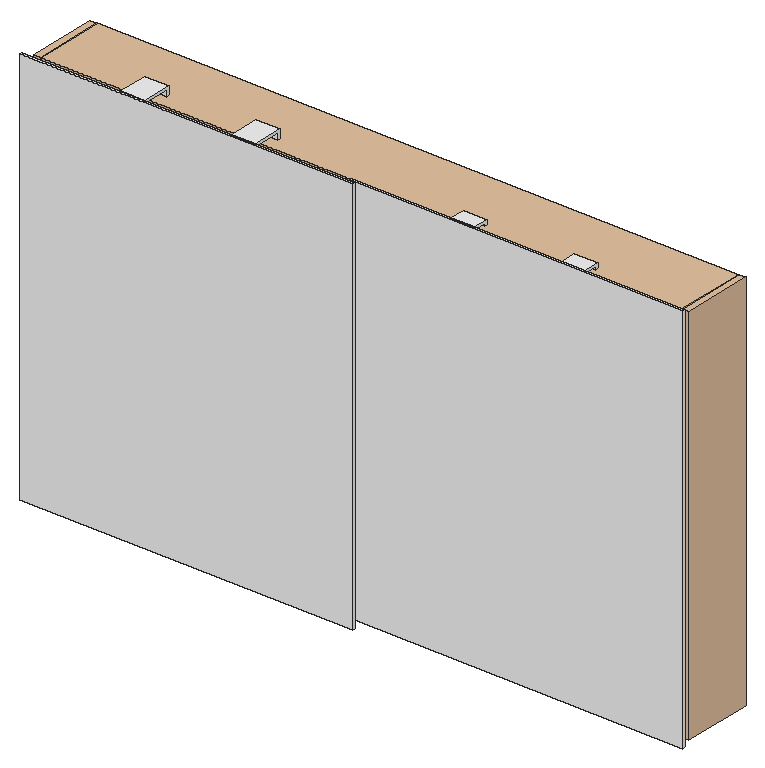
Revit family
Parameters (values of type "1400x150x820-체리")
  폭 = 1400 mm
  높이 = 820 mm
  깊이 = 150 mm
  가구마감 = 체리
  Assembly Code = ""
Reference planes
  plane 1 "중심(앞/뒤)": y = 0
  plane 2: z = 0
  plane 3 "중심(왼쪽/오른쪽)": x = 0
  plane 4 "뒷판": y = 150
  plane 5: x = -1400
  plane 6: z = 820
  plane 7 "상판 하단": z = 805
  plane 8: x = -700
  plane 9: x = -710
  plane 10: x = -690
  plane 11: z = 830
  plane 12: z = 838
  plane 13: z = -7.5
  plane 14: z = -15
  plane 15: y = -13
  plane 16: y = -18
  plane 17: y = -31
  plane 18: y = -36
  plane 19: x = -473.333
  plane 20: x = -236.667
  plane 21: x = -1163.333
  plane 22: x = -926.667
  plane 23 "레일1": x = -211.667
  plane 24 "레일2": x = -448.333
  plane 25 "레일3": x = -901.667
  plane 26 "레일4": x = -1138.333
Forms (mm)
  Extrusion 1, solid, material "체리" <- "가구마감"
    sketch origin (0, 0, 0) x (1, 0, 0) y (0, 1, 0)
      loop
        line (-1400, 150) -> (-1400, 0) -> (-1385, 0) -> (-1385, 150) -> (-1400, 150)
      loop
        line (-15, 150) -> (-15, 0) -> (0, 0) -> (0, 150) -> (-15, 150)
    from 0 to 820
  Extrusion 2, solid, material "체리" <- "가구마감"
    sketch origin (0, 0, 0) x (1, 0, 0) y (0, 1, 0)
      loop
        line (-1385, 150) -> (-1385, 0) -> (-15, 0) -> (-15, 150) -> (-1385, 150)
    from 0 to 15
  Extrusion 3, solid, material "체리" <- "가구마감"
    sketch origin (0, 0, 805) x (-1, 0, 0) y (0, -1, 0)
      loop
        line (1385, -150) -> (1385, 0) -> (15, 0) -> (15, -150) -> (1385, -150)
    from 0 to 15
  Extrusion 4, solid, material "체리" <- "가구마감"
    sketch origin (0, 150, 0) x (-1, 0, 0) y (0, 0, 1)
      loop
        line (1385, 805) -> (15, 805) -> (15, 15) -> (1385, 15) -> (1385, 805)
    from 0 to -15
  Extrusion 5, solid, material "거울"
    sketch origin (0, 0, 805) x (-1, 0, 0) y (0, -1, 0)
      loop
        line (1400, 31) -> (1400, 36) -> (690, 36) -> (690, 31) -> (1400, 31)
    from -820 to 33
  Extrusion 6, solid, material "거울"
    sketch origin (0, 0, 0) x (1, 0, 0) y (0, 1, 0)
      loop
        line (0, -13) -> (-710, -13) -> (-710, -18) -> (0, -18) -> (0, -13)
    from -7.5 to 830
  Extrusion 7, solid, material "스테인레스"
    sketch origin (-211.667, 0, 0) x (0, 1, 0) y (0, 0, 1)
      loop
        line (14.917, 820) -> (19.917, 820) -> (19.917, 830) -> (-13, 830) -> (-13, 805) -> (-8, 805) -> (-8, 825) -> (14.917, 825) -> (14.917, 820)
    from 0 to -50
  Extrusion 8, solid, material "스테인레스"
    sketch origin (-448.333, 0, 0) x (0, 1, 0) y (0, 0, 1)
      loop
        line (-13, 805) -> (-8, 805) -> (-8, 825) -> (14.917, 825) -> (14.917, 820) -> (19.917, 820) -> (19.917, 830) -> (-13, 830) -> (-13, 805)
    from 0 to -50
  Extrusion 9, solid, material "스테인레스"
    sketch origin (-901.667, 0, 0) x (0, 1, 0) y (0, 0, 1)
      loop
        line (-26, 805) -> (-26, 833) -> (27.917, 833) -> (27.917, 820) -> (32.917, 820) -> (32.917, 838) -> (-31, 838) -> (-31, 805) -> (-26, 805)
    from 0 to -50
  Extrusion 10, solid, material "스테인레스"
    sketch origin (-1138.333, 0, 0) x (0, 1, 0) y (0, 0, 1)
      loop
        line (-31, 805) -> (-26, 805) -> (-26, 833) -> (27.917, 833) -> (27.917, 820) -> (32.917, 820) -> (32.917, 838) -> (-31, 838) -> (-31, 805)
    from 0 to -50
Dimensions and locks
  "깊이": plane 1 "중심(앞/뒤)" to plane 4 "뒷판"
  "폭": plane 5 to plane 3 "중심(왼쪽/오른쪽)"
  "높이": plane 6 to level
  locked: plane 5 to Extrusion 1 sketch curve at 15
  locked: Extrusion 1 sketch curve to Extrusion 1 sketch curve at 15
  locked: plane 6 to plane 7 "상판 하단" at 15
  equal spacing: plane 5, plane 8, plane 3 "중심(왼쪽/오른쪽)"
  locked: plane 9 to plane 8 at 10
  locked: plane 8 to plane 10 at 10
  locked: level to plane 13 at 7.5
  locked: plane 13 to plane 14 at 7.5
  locked: plane 11 to plane 6 at 10
  locked: plane 12 to plane 11 at 8
  locked: plane 15 to plane 1 "중심(앞/뒤)" at 13
  locked: plane 15 to plane 16 at 5
  locked: plane 16 to plane 17 at 13
  locked: plane 17 to plane 18 at 5
  equal spacing: plane 5, plane 21, plane 22, plane 10
  equal spacing: plane 9, plane 19, plane 20, plane 3 "중심(왼쪽/오른쪽)"
  locked: plane 20 to plane 23 "레일1" at 25
  locked: plane 19 to plane 24 "레일2" at 25
  locked: plane 22 to plane 25 "레일3" at 25
  locked: plane 21 to plane 26 "레일4" at 25
  aligned and locked: Extrusion 1 sketch curve to plane 4 "뒷판"  (x2)
  aligned and locked: Extrusion 1 sketch curve to plane 5
  aligned and locked: Extrusion 1 sketch curve to plane 3 "중심(왼쪽/오른쪽)"
  aligned and locked: plane 6 to Extrusion 1
  aligned and locked: Extrusion 2 sketch curve to plane 4 "뒷판"
  aligned and locked: Extrusion 2 sketch curve to Extrusion 1
  aligned and locked: Extrusion 1 to Extrusion 2 sketch curve
  aligned and locked: Extrusion 3 sketch curve to Extrusion 2
  aligned and locked: Extrusion 3 sketch curve to Extrusion 1
  aligned and locked: Extrusion 1 to Extrusion 3 sketch curve
  aligned and locked: Extrusion 3 to Extrusion 4 sketch curve
  aligned and locked: Extrusion 1 to Extrusion 4 sketch curve  (x2)
  aligned and locked: Extrusion 4 sketch curve to Extrusion 2
  aligned and locked: plane 5 to Extrusion 5 sketch curve
  aligned and locked: Extrusion 5 sketch curve to plane 17
  aligned and locked: plane 18 to Extrusion 5 sketch curve
  aligned and locked: plane 10 to Extrusion 5 sketch curve
  aligned and locked: Extrusion 5 to plane 14
  aligned and locked: plane 12 to Extrusion 5
  aligned and locked: plane 3 "중심(왼쪽/오른쪽)" to Extrusion 6 sketch curve
  aligned and locked: plane 15 to Extrusion 6 sketch curve
  aligned and locked: plane 16 to Extrusion 6 sketch curve
  aligned and locked: plane 9 to Extrusion 6 sketch curve
  aligned and locked: Extrusion 6 to plane 13
  aligned and locked: plane 11 to Extrusion 6
  aligned and locked: plane 1 "중심(앞/뒤)" to Extrusion 1 sketch curve
  aligned and locked: Extrusion 1 sketch curve to plane 1 "중심(앞/뒤)"
  aligned and locked: Extrusion 3 sketch curve to plane 1 "중심(앞/뒤)"
  aligned and locked: Extrusion 2 sketch curve to plane 1 "중심(앞/뒤)"
Automatic sketch dimensions
  Extrusion 7 sketch curve to plane 15 = 0 mm
  Extrusion 7 sketch curve to plane 11 = 0 mm
  Extrusion 7 sketch curve to plane 6 = 0 mm
  Extrusion 7 sketch curve to plane 1 "중심(앞/뒤)" = 14.917 mm
  Extrusion 7 sketch curve to plane 6 = 15 mm
  Extrusion 7 sketch curve to Extrusion 7 sketch curve = 5 mm  (x2)
  plane 15 to Extrusion 7 sketch curve = 5 mm
  plane 15 to Extrusion 8 sketch curve = 5 mm
  plane 6 to Extrusion 8 sketch curve = 5 mm
  Extrusion 8 sketch curve to plane 1 "중심(앞/뒤)" = 14.917 mm
  Extrusion 8 sketch curve to Extrusion 8 sketch curve = 5 mm
  Extrusion 8 sketch curve to plane 11 = 0 mm
  Extrusion 8 sketch curve to plane 6 = 0 mm
  Extrusion 8 sketch curve to plane 7 "상판 하단" = 0 mm
  Extrusion 8 sketch curve to plane 15 = 0 mm
  Extrusion 9 sketch curve to plane 12 = 0 mm
  Extrusion 9 sketch curve to plane 17 = 0 mm
  Extrusion 9 sketch curve to plane 7 "상판 하단" = 0 mm
  Extrusion 9 sketch curve to plane 6 = 0 mm
  plane 17 to Extrusion 9 sketch curve = 5 mm
  Extrusion 9 sketch curve to plane 1 "중심(앞/뒤)" = 27.917 mm
  Extrusion 9 sketch curve to Extrusion 9 sketch curve = 5 mm
  plane 11 to Extrusion 9 sketch curve = 3 mm
  Extrusion 10 sketch curve to plane 17 = 0 mm
  Extrusion 10 sketch curve to plane 12 = 0 mm
  plane 11 to Extrusion 10 sketch curve = 3 mm
  Extrusion 10 sketch curve to plane 7 "상판 하단" = 0 mm
  plane 17 to Extrusion 10 sketch curve = 5 mm
  Extrusion 10 sketch curve to Extrusion 10 sketch curve = 5 mm
  Extrusion 10 sketch curve to plane 1 "중심(앞/뒤)" = 27.917 mm
  Extrusion 10 sketch curve to plane 6 = 0 mm
